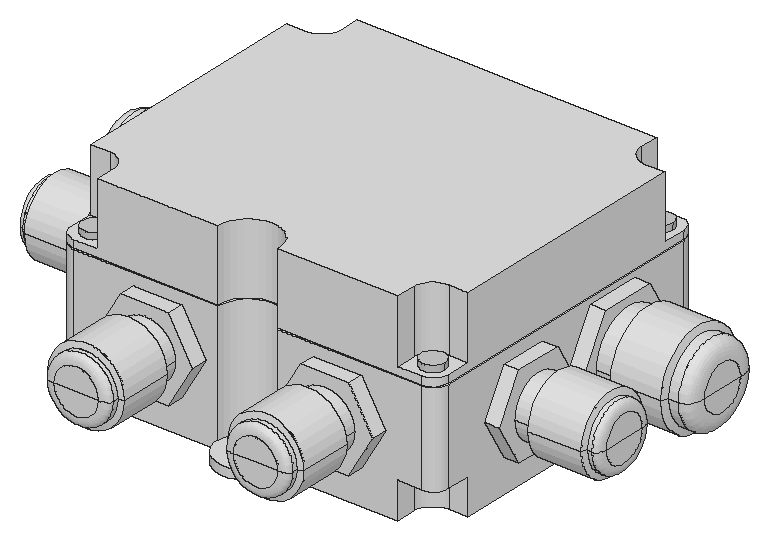
Revit family "Korobka soedinitelnaya dlya greyushchego kabelya KSGK-1 AYaKS", category Датчики, Revit 2023
Family settings
  Размер круглого соединителя = Использовать диаметр
  Тип детали = Нормальный
  Номер OmniClass = 23.85.50.17
  Заголовок OmniClass = Communication and Data Processing Equipment
  На основе рабочей плоскости = Нет
  Всегда вертикально = Да
  При загрузке вырезать с полостями = Нет
  Сохранять ориентацию аннотаций = Нет
  Общий = Нет
  Точка принадлежности помещению = Нет
Parameters (values of type "КСГК-1")
  Ток, А = "не более 70"
  Степень защиты оболочки = "IP 66 по ГОСТ 14254-2015"
  Отметка по умолчанию = 0 mm
  Описание = "Коробка соединительная для греющего кабеля КСГК IP66 АЯКС (далее – коробка) предназначена для подключения питающего кабеля к сети нагревательных кабелей, сращивания отрезков греющего кабеля или разветвления греющих кабелей в цепях переменного и постоянного тока. Внутри коробок располагаются пружинные клеммные колодки 10мм2."
  Напряжение, В = "не более 600"
  Кол-во клеммных пар (из них пар заземления), шт = "5(1)"
  Изготовитель = [ADSK_Завод-изготовитель]  # "ООО НПП «МАГНИТО-КОНТАКТ»"
  Диапазон рабочих температур, °C = "от -65 до +70"
  URL = "https://m-kontakt.ru/produkt/kommutacyonnye/ksgk_ayaks"
  ADSK_Размер_Ширина = 150 mm
  ADSK_Размер_Длина = 200 mm
  ADSK_Размер_Высота = 68 mm
  ADSK_Обозначение = "АТФЕ.685552.234 ПС"
  ADSK_Наименование краткое = "КСГК-1"
  ADSK_Наименование = "Коробка соединительная для греющего кабеля КСГК IP66 АЯКС"
  ADSK_Материал = Пластик белый
  ADSK_Масса = 0.5
  ADSK_Завод-изготовитель = "ООО НПП «МАГНИТО-КОНТАКТ»"  # constant formula
  ADSK_Единица измерения = "шт."  # constant formula
Reference planes
  plane 1 "По центру (Вперед/Назад)": y = 0
  plane 2: z = 0
  plane 3 "По центру (Влево/Вправо)": x = 0
Forms (mm)
  Revolve 1, solid, material "Пластик белый" <- "ADSK_Материал"
    sketch origin (-34.378, 106.343, 25.312) x (0, -1, 0) y (1, 0, 0)
      loop
        line (-15.46, -33.979) -> (-15.46, -40.804) -> (-17.762, -40.804) -> (-17.762, -57.606) -> (-15.46, -58.222) -> (-15.46, -61.652)
        spline (-15.46, -61.652) -> (-15.418, -62.273) -> (-15.292, -62.841) -> (-15.083, -63.354) -> (-14.79, -63.814) -> (-14.413, -64.219) -> (-13.952, -64.57) -> (-13.408, -64.867) -> (-12.78, -65.11) -> (-12.068, -65.3) -> (-11.272, -65.435) -> (-10.393, -65.516) -> (-9.43, -65.543)
        line (-9.43, -65.543) -> (-1.986, -65.543) -> (-1.986, -33.979) -> (-15.46, -33.979)
      axis (-1.986, -65.543) -> (-1.986, -33.979)
    angle from 0 to 360
  Extrusion 2, solid, material "Пластик белый" <- "ADSK_Материал"
    sketch origin (0.08, 78.437, -17) x (1, 0, 0) y (0, 1, 0)
      loop
        arc (-63, -38) -> (-61.536, -41.536) -> (-58, -43) r 5
        line (-58, -43) -> (58, -43)
        arc (58, -43) -> (61.536, -41.536) -> (63, -38) r 5
        line (63, -38) -> (63, 60)
        arc (63, 60) -> (61.536, 63.536) -> (58, 65) r 5
        line (58, 65) -> (10, 65) -> (-10, 65) -> (-58, 65)
        arc (-58, 65) -> (-61.536, 63.536) -> (-63, 60) r 5
        line (-63, 60) -> (-63, -38)
    from 17 to 84
  Extrusion 3, solid, material "Пластик белый" <- "ADSK_Материал"
    sketch origin (0.08, 89.267, 55.205) x (0, 0, -1) y (0, 1, 0)
      loop
        line (29.892, 37.487) -> (13.936, 28.275) -> (13.936, 9.85) -> (29.892, 0.638) -> (45.849, 9.85) -> (45.849, 28.275) -> (29.892, 37.487)
    from -68.437 to -63
  Revolve 4, solid, material "Пластик белый" <- "ADSK_Материал"
    sketch origin (-34.378, 69.121, 25.312) x (0, -1, 0) y (1, 0, 0)
      loop
        line (-11.986, -33.979) -> (-11.986, -40.804) -> (-14.754, -40.804) -> (-14.754, -58.411) -> (-12.762, -58.945) -> (-12.762, -60.51)
        spline (-12.762, -60.51) -> (-12.739, -60.854) -> (-12.669, -61.167) -> (-12.554, -61.451) -> (-12.392, -61.705) -> (-12.183, -61.929) -> (-11.929, -62.123) -> (-11.628, -62.287) -> (-11.281, -62.422) -> (-10.888, -62.526) -> (-10.448, -62.601) -> (-9.962, -62.646) -> (-9.43, -62.661)
        line (-9.43, -62.661) -> (-1.986, -62.661) -> (-1.986, -33.979) -> (-11.986, -33.979)
      axis (-1.986, -62.661) -> (-1.986, -33.979)
    angle from 0 to 360
  Extrusion 5, solid, material "Пластик белый" <- "ADSK_Материал"
    sketch origin (0.08, 52.045, 55.205) x (0, 0, -1) y (0, 1, 0)
      loop
        line (29.892, 3.063) -> (43.749, 11.063) -> (43.749, 27.063) -> (29.892, 35.063) -> (16.036, 27.063) -> (16.036, 11.063) -> (29.892, 3.063)
    from -68.437 to -63
  Revolve 6, solid, material "Пластик белый" <- "ADSK_Материал"
    sketch origin (34.538, 106.343, 25.312) x (0, -1, 0) y (1, 0, 0)
      loop
        line (-15.46, 33.979) -> (-1.986, 33.979) -> (-1.986, 65.543) -> (-9.43, 65.543)
        spline (-9.43, 65.543) -> (-10.393, 65.516) -> (-11.272, 65.435) -> (-12.068, 65.3) -> (-12.78, 65.11) -> (-13.408, 64.867) -> (-13.952, 64.57) -> (-14.413, 64.219) -> (-14.79, 63.814) -> (-15.083, 63.354) -> (-15.292, 62.841) -> (-15.418, 62.273) -> (-15.46, 61.652)
        line (-15.46, 61.652) -> (-15.46, 58.222) -> (-17.762, 57.606) -> (-17.762, 40.804) -> (-15.46, 40.804) -> (-15.46, 33.979)
      axis (-1.986, 65.543) -> (-1.986, 33.979)
    angle from 0 to 360
  Extrusion 7, solid, material "Пластик белый" <- "ADSK_Материал"
    sketch origin (0.08, 89.267, 55.205) x (0, 0, -1) y (0, -1, 0)
      loop
        line (29.892, -37.487) -> (45.849, -28.275) -> (45.849, -9.85) -> (29.892, -0.638) -> (13.936, -9.85) -> (13.936, -28.275) -> (29.892, -37.487)
    from -68.437 to -63
  Extrusion 8, void
    sketch origin (0, 0, 0) x (1, 0, 0) y (0, 1, 0)
      loop
        line (-62.92, 143.437) -> (-62.92, 130.437) -> (-56.42, 130.437)
        arc (-56.42, 130.437) -> (-51.824, 132.341) -> (-49.92, 136.937) r 6.5
        line (-49.92, 136.937) -> (-49.92, 143.437) -> (-62.92, 143.437)
      loop
        line (-62.92, 35.437) -> (-49.92, 35.437) -> (-49.92, 41.937)
        arc (-49.92, 41.937) -> (-51.824, 46.533) -> (-56.42, 48.437) r 6.5
        line (-56.42, 48.437) -> (-62.92, 48.437) -> (-62.92, 35.437)
      loop
        line (63.08, 35.437) -> (63.08, 48.437) -> (56.58, 48.437)
        arc (56.58, 48.437) -> (51.984, 46.533) -> (50.08, 41.937) r 6.5
        line (50.08, 41.937) -> (50.08, 35.437) -> (63.08, 35.437)
      loop
        line (63.08, 143.437) -> (50.08, 143.437) -> (50.08, 136.937)
        arc (50.08, 136.937) -> (51.984, 132.341) -> (56.58, 130.437) r 6.5
        line (56.58, 130.437) -> (63.08, 130.437) -> (63.08, 143.437)
    from 67 to 46
  Extrusion 9, void
    sketch origin (0, 0, 0) x (1, 0, 0) y (0, 1, 0)
      loop
        arc (-62.92, 40.437) -> (-61.455, 36.902) -> (-57.92, 35.437) r 5
        line (-57.92, 35.437) -> (-9.92, 35.437)
        arc (-9.92, 35.437) -> (0.08, 45.437) -> (10.08, 35.437) r 10
        line (10.08, 35.437) -> (58.08, 35.437)
        arc (58.08, 35.437) -> (61.616, 36.902) -> (63.08, 40.437) r 5
        line (63.08, 40.437) -> (63.08, 138.437)
        arc (63.08, 138.437) -> (61.616, 141.973) -> (58.08, 143.437) r 5
        line (58.08, 143.437) -> (-9.92, 143.437) -> (-57.92, 143.437)
        arc (-57.92, 143.437) -> (-61.455, 141.973) -> (-62.92, 138.437) r 5
        line (-62.92, 138.437) -> (-62.92, 40.437)
      loop
        line (62.08, 89.437) -> (62.08, 139.437)
        arc (62.08, 139.437) -> (60.914, 141.271) -> (59.08, 142.437) r 5
        line (59.08, 142.437) -> (-10.883, 142.437) -> (-58.92, 142.437)
        arc (-58.92, 142.437) -> (-60.754, 141.271) -> (-61.92, 139.437) r 5
        line (-61.92, 139.437) -> (-61.92, 89.437) -> (-61.92, 39.437)
        arc (-61.92, 39.437) -> (-60.754, 37.603) -> (-58.92, 36.437) r 5
        line (-58.92, 36.437) -> (-10.705, 36.437)
        arc (-10.705, 36.437) -> (0.159, 46.347) -> (11.024, 36.437) r 10.91
        line (11.024, 36.437) -> (59.08, 36.437)
        arc (59.08, 36.437) -> (60.914, 37.603) -> (62.08, 39.437) r 5
        line (62.08, 39.437) -> (62.08, 89.437)
    from 43 to 43.5
  Extrusion 10, void
    sketch origin (0, 0, 0) x (1, 0, 0) y (0, 1, 0)
      loop
        arc (-49.92, 41.937) -> (-51.824, 46.533) -> (-56.42, 48.437) r 6.5
        line (-56.42, 48.437) -> (-62.92, 48.437) -> (-62.92, 35.437) -> (-49.92, 35.437) -> (-49.92, 41.937)
      loop
        arc (-56.42, 130.437) -> (-51.824, 132.341) -> (-49.92, 136.937) r 6.5
        line (-49.92, 136.937) -> (-49.92, 143.437) -> (-62.92, 143.437) -> (-62.92, 130.437) -> (-56.42, 130.437)
      loop
        line (50.08, 41.937) -> (50.08, 35.437) -> (63.08, 35.437) -> (63.08, 48.437) -> (56.58, 48.437)
        arc (56.58, 48.437) -> (51.984, 46.533) -> (50.08, 41.937) r 6.5
      loop
        line (56.58, 130.437) -> (63.08, 130.437) -> (63.08, 143.437) -> (50.08, 143.437) -> (50.08, 136.937)
        arc (50.08, 136.937) -> (51.984, 132.341) -> (56.58, 130.437) r 6.5
    from 0 to 12
  Extrusion 11, solid, material "Пластик белый" <- "ADSK_Материал"
    sketch origin (-0.828, 178.874, 0) x (-1, 0, 0) y (0, -1, 0)
      loop
        arc (28.191, 26.498) -> (33.17, 21.944) -> (38.151, 26.495) r 5
        arc (38.151, 26.495) -> (39.413, 31.304) -> (42.177, 35.437) r 15
        line (42.177, 35.437) -> (24.177, 35.437)
        arc (24.177, 35.437) -> (26.935, 31.305) -> (28.191, 26.498) r 15
      loop
        arc (-39.87, 26.498) -> (-34.891, 21.944) -> (-29.91, 26.495) r 5
        arc (-29.91, 26.495) -> (-28.648, 31.304) -> (-25.884, 35.437) r 15
        line (-25.884, 35.437) -> (-43.884, 35.437)
        arc (-43.884, 35.437) -> (-41.126, 31.305) -> (-39.87, 26.498) r 15
    from 0 to 3
  Extrusion 12, void
    sketch origin (0, 117.952, 0) x (1, 0, 0) y (0, 1, 0)
      loop
        circle (-34, 33.453) r 3.016
      loop
        circle (34.061, 33.456) r 3.019
    from 0 to 3
  Extrusion 13, solid, material "Металл"
    sketch origin (0, 0, 0) x (1, 0, 0) y (0, 1, 0)
      loop
        circle (-56.447, 41.945) r 4
      loop
        circle (-56.399, 136.894) r 4
      loop
        circle (56.608, 41.908) r 4
      loop
        circle (56.624, 136.958) r 4
    from 46 to 48
  Extrusion 14, void
    sketch origin (0, -108, 0) x (1, 0, 0) y (0, 1, 0)
      loop
        circle (0.08, 143.437) r 10
    from 0 to 67
  Extrusion 15, solid, material "Пластик белый" <- "ADSK_Материал"
    sketch origin (0, -108, 0) x (1, 0, 0) y (0, 1, 0)
      loop
        circle (0.08, 143.437) r 10
    from 0 to 3
  Extrusion 16, void
    sketch origin (0, -108, 0) x (1, 0, 0) y (0, 1, 0)
      loop
        circle (0.08, 143.437) r 5
    from -11.645 to 3
  Revolve 17, solid, material "Пластик белый" <- "ADSK_Материал"
    sketch origin (34.378, 69.121, 25.312) x (0, -1, 0) y (1, 0, 0)
      loop
        line (-11.986, 33.979) -> (-1.986, 33.979) -> (-1.986, 62.661) -> (-9.43, 62.661)
        spline (-9.43, 62.661) -> (-9.962, 62.646) -> (-10.448, 62.601) -> (-10.888, 62.526) -> (-11.281, 62.422) -> (-11.628, 62.287) -> (-11.929, 62.123) -> (-12.183, 61.929) -> (-12.392, 61.705) -> (-12.554, 61.451) -> (-12.669, 61.167) -> (-12.739, 60.854) -> (-12.762, 60.51)
        line (-12.762, 60.51) -> (-12.762, 58.945) -> (-14.754, 58.411) -> (-14.754, 40.804) -> (-11.986, 40.804) -> (-11.986, 33.979)
      axis (-1.986, 62.661) -> (-1.986, 33.979)
    angle from 0 to 360
  Extrusion 18, solid, material "Пластик белый" <- "ADSK_Материал"
    sketch origin (-0.08, 52.045, 55.205) x (0, 0, -1) y (0, -1, 0)
      loop
        line (29.892, -3.063) -> (16.036, -11.063) -> (16.036, -27.063) -> (29.892, -35.063) -> (43.749, -27.063) -> (43.749, -11.063) -> (29.892, -3.063)
    from -68.437 to -63
  Revolve 19, solid, material "Пластик белый" <- "ADSK_Материал"
    sketch origin (-27.934, 63.979, 25.312) x (1, 0, 0) y (0, 1, 0)
      loop
        line (-11.986, -33.979) -> (-11.986, -40.804) -> (-14.754, -40.804) -> (-14.754, -58.411) -> (-12.762, -58.945) -> (-12.762, -60.51)
        spline (-12.762, -60.51) -> (-12.739, -60.854) -> (-12.669, -61.167) -> (-12.554, -61.451) -> (-12.392, -61.705) -> (-12.183, -61.929) -> (-11.929, -62.123) -> (-11.628, -62.287) -> (-11.281, -62.422) -> (-10.888, -62.526) -> (-10.448, -62.601) -> (-9.962, -62.646) -> (-9.43, -62.661)
        line (-9.43, -62.661) -> (-1.986, -62.661) -> (-1.986, -33.979) -> (-11.986, -33.979)
      axis (-1.986, -62.661) -> (-1.986, -33.979)
    angle from 0 to 360
  Extrusion 20, solid, material "Пластик белый" <- "ADSK_Материал"
    sketch origin (-10.857, 98.437, 55.205) x (0, 0, -1) y (-1, 0, 0)
      loop
        line (29.892, 3.063) -> (43.749, 11.063) -> (43.749, 27.063) -> (29.892, 35.063) -> (16.036, 27.063) -> (16.036, 11.063) -> (29.892, 3.063)
    from -68.437 to -63
  Revolve 21, solid, material "Пластик белый" <- "ADSK_Материал"
    sketch origin (27.934, 63.979, 25.312) x (-1, 0, 0) y (0, -1, 0)
      loop
        line (-11.986, 33.979) -> (-1.986, 33.979) -> (-1.986, 62.661) -> (-9.43, 62.661)
        spline (-9.43, 62.661) -> (-9.962, 62.646) -> (-10.448, 62.601) -> (-10.888, 62.526) -> (-11.281, 62.422) -> (-11.628, 62.287) -> (-11.929, 62.123) -> (-12.183, 61.929) -> (-12.392, 61.705) -> (-12.554, 61.451) -> (-12.669, 61.167) -> (-12.739, 60.854) -> (-12.762, 60.51)
        line (-12.762, 60.51) -> (-12.762, 58.945) -> (-14.754, 58.411) -> (-14.754, 40.804) -> (-11.986, 40.804) -> (-11.986, 33.979)
      axis (-1.986, 62.661) -> (-1.986, 33.979)
    angle from 0 to 360
  Extrusion 22, solid, material "Пластик белый" <- "ADSK_Материал"
    sketch origin (10.857, 98.437, 55.205) x (0, 0, -1) y (-1, 0, 0)
      loop
        line (29.892, -3.063) -> (16.036, -11.063) -> (16.036, -27.063) -> (29.892, -35.063) -> (43.749, -27.063) -> (43.749, -11.063) -> (29.892, -3.063)
    from -68.437 to -63
Cuts and joins
  Extrusion 8, Extrusion 9, Extrusion 10, Extrusion 14 cuts Extrusion 2
  Extrusion 9 cuts Extrusion 3
  Extrusion 9 cuts Extrusion 5
  Extrusion 9 cuts Extrusion 7
  Extrusion 12 cuts Extrusion 11
  Extrusion 16 cuts Extrusion 15
Dimensions and locks
  aligned and locked: level to plane 2
  aligned and locked: Extrusion 2 to level
Connectors
  electrical at (0.08, 89.437, 0)
    settings: on cut or joined group of Extrusion 2, Extrusion 8, Extrusion 9, Extrusion 10, Extrusion 14, index 1, voltage 0 V, apparent load 0 VA, apparent load phase1 0 VA, apparent load phase2 0 VA, apparent load phase3 0 VA, power factor 1, load classification "Прочее", number of poles 1, system type 10, power factor state 1, is connector primary yes, connector utility no, sub classification motor no, connector description ""
